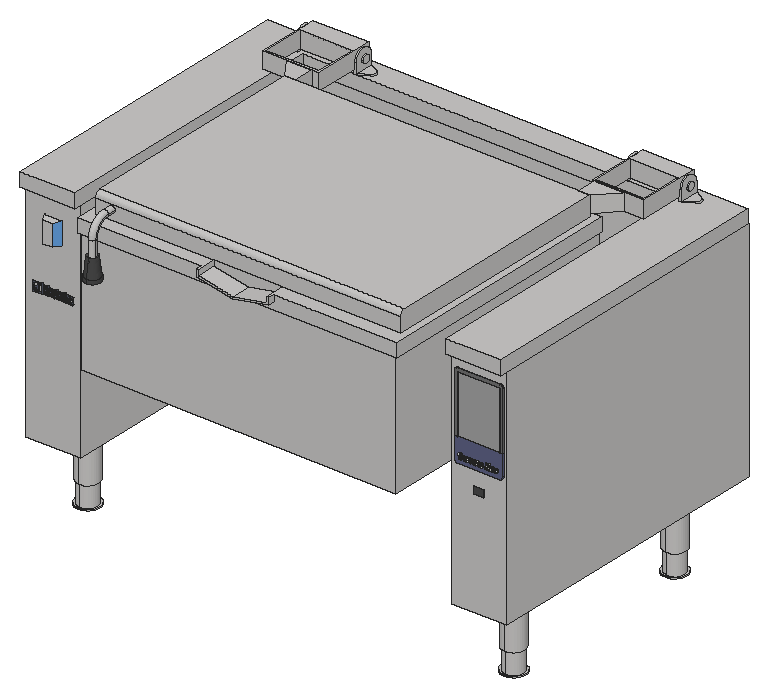
Revit family "QF_ELECTROLUXPROFESSIONAL_587128_PFET08ECIO", category Attrezzature speciali, Revit 2020 (continued)
Definition of nested family "QF_ELECTROLUXPROFESSIONAL_PBOTNB900_LEFT"
  Automatic sketch dimensions
    Extrusion 4 sketch curve to Extrusion 4 sketch curve = 2.352 mm  (x2)
    Extrusion 4 sketch curve to Extrusion 4 sketch curve = 3.797 mm
    Extrusion 4 sketch curve to Extrusion 4 sketch curve = 1.528 mm
    Extrusion 4 sketch curve to Extrusion 4 sketch curve = 1.476 mm  (x2)
    Extrusion 4 sketch curve to Extrusion 4 sketch curve = 1.469 mm  (x2)
    Extrusion 4 sketch curve to Extrusion 4 sketch curve = 3.728 mm
    Extrusion 4 sketch curve to Extrusion 4 sketch curve = 0.046 mm
    Extrusion 4 sketch curve to Extrusion 4 sketch curve = 0.177 mm
    Extrusion 4 sketch curve to Extrusion 4 sketch curve = 0.947 mm
    Extrusion 4 sketch curve to Extrusion 4 sketch curve = 0.308 mm
    Extrusion 4 sketch curve to Extrusion 4 sketch curve = 0.091 mm
    Extrusion 4 sketch curve to Extrusion 4 sketch curve = 2.375 mm
    Extrusion 4 sketch curve to Extrusion 4 sketch curve = 0.94 mm
    Extrusion 4 sketch curve to Extrusion 4 sketch curve = 0.54 mm
    Extrusion 4 sketch curve to Extrusion 4 sketch curve = 0.102 mm
    Extrusion 4 sketch curve to Extrusion 4 sketch curve = 0.002 mm  (x4)
    Extrusion 4 sketch curve to Extrusion 4 sketch curve = 0.105 mm
    Extrusion 4 sketch curve to Extrusion 4 sketch curve = 0.097 mm
    Extrusion 4 sketch curve to plane 3 "Center (Left/Right)" = 0.241 mm
    Extrusion 4 sketch curve to plane 3 "Center (Left/Right)" = 0.412 mm
    Extrusion 4 sketch curve to plane 3 "Center (Left/Right)" = 2.074 mm
    Extrusion 4 sketch curve to Extrusion 4 sketch curve = 1.777 mm
    Extrusion 4 sketch curve to plane 3 "Center (Left/Right)" = 2.704 mm
    Extrusion 4 sketch curve to Extrusion 4 sketch curve = 1.001 mm
    Extrusion 4 sketch curve to Extrusion 4 sketch curve = 1.393 mm  (x2)
    Extrusion 4 sketch curve to Extrusion 4 sketch curve = 2.363 mm
    Extrusion 4 sketch curve to Extrusion 4 sketch curve = 2.253 mm
    Extrusion 4 sketch curve to Extrusion 4 sketch curve = 0.014 mm  (x4)
    Extrusion 4 sketch curve to Extrusion 4 sketch curve = 0.172 mm
    Extrusion 4 sketch curve to Extrusion 4 sketch curve = 0.096 mm
    Extrusion 4 sketch curve to Extrusion 4 sketch curve = 0.164 mm
    Extrusion 4 sketch curve to Extrusion 4 sketch curve = 0.298 mm
    Extrusion 4 sketch curve to Extrusion 4 sketch curve = 0.247 mm
    Extrusion 4 sketch curve to Extrusion 4 sketch curve = 0.084 mm
    Extrusion 4 sketch curve to Extrusion 4 sketch curve = 6.484 mm
    Extrusion 4 sketch curve to Extrusion 4 sketch curve = 2.596 mm
    Extrusion 4 sketch curve to Extrusion 4 sketch curve = 0.059 mm  (x2)
    Extrusion 4 sketch curve to Extrusion 4 sketch curve = 3.889 mm
    Extrusion 4 sketch curve to Extrusion 4 sketch curve = 6.029 mm
    Extrusion 4 sketch curve to Extrusion 4 sketch curve = 0.929 mm
    Extrusion 4 sketch curve to Extrusion 4 sketch curve = 1.102 mm
    Extrusion 4 sketch curve to Extrusion 4 sketch curve = 0.756 mm  (x2)
    Extrusion 4 sketch curve to Extrusion 4 sketch curve = 0.852 mm
    Extrusion 4 sketch curve to Extrusion 4 sketch curve = 0.108 mm
    Extrusion 4 sketch curve to Extrusion 4 sketch curve = 0.101 mm
    Extrusion 4 sketch curve to Extrusion 4 sketch curve = 0.072 mm
    Extrusion 4 sketch curve to Extrusion 4 sketch curve = 1.67 mm
    Extrusion 4 sketch curve to Extrusion 4 sketch curve = 1.834 mm
    Extrusion 4 sketch curve to Extrusion 4 sketch curve = 0.366 mm
    Extrusion 4 sketch curve to Extrusion 4 sketch curve = 0.993 mm
    Extrusion 4 sketch curve to Extrusion 4 sketch curve = 0.81 mm
    Extrusion 4 sketch curve to Extrusion 4 sketch curve = 1.026 mm  (x2)
    Extrusion 4 sketch curve to Extrusion 4 sketch curve = 4.272 mm
    Extrusion 4 sketch curve to Extrusion 4 sketch curve = 0.163 mm
    Extrusion 4 sketch curve to Extrusion 4 sketch curve = 0.551 mm
    plane 14 to Extrusion 4 sketch curve = 6.023 mm
    Extrusion 4 sketch curve to Extrusion 4 sketch curve = 1.451 mm
    plane 14 to Extrusion 4 sketch curve = 5.28 mm
    Extrusion 4 sketch curve to Extrusion 4 sketch curve = 0.045 mm  (x2)
    Extrusion 4 sketch curve to Extrusion 4 sketch curve = 0.241 mm
    Extrusion 4 sketch curve to Extrusion 4 sketch curve = 0.039 mm
    Extrusion 4 sketch curve to Extrusion 4 sketch curve = 1.134 mm
    Extrusion 4 sketch curve to Extrusion 4 sketch curve = 2.351 mm
    Extrusion 4 sketch curve to plane 14 = 0.874 mm
    Extrusion 4 sketch curve to Extrusion 4 sketch curve = 10.128 mm
    Extrusion 4 sketch curve to Extrusion 4 sketch curve = 0.956 mm
    Extrusion 4 sketch curve to Extrusion 4 sketch curve = 1.263 mm
    Extrusion 4 sketch curve to Extrusion 4 sketch curve = 2.577 mm
    Extrusion 4 sketch curve to Extrusion 4 sketch curve = 0.243 mm
    Extrusion 4 sketch curve to Extrusion 4 sketch curve = 0.031 mm
    Extrusion 4 sketch curve to Extrusion 4 sketch curve = 7.148 mm
    Extrusion 4 sketch curve to Extrusion 4 sketch curve = 1.502 mm
    Extrusion 4 sketch curve to Extrusion 4 sketch curve = 11.54 mm
    Extrusion 4 sketch curve to Extrusion 4 sketch curve = 11.758 mm
    Extrusion 4 sketch curve to Extrusion 4 sketch curve = 4.097 mm
    Extrusion 4 sketch curve to Extrusion 4 sketch curve = 0.011 mm
    Extrusion 4 sketch curve to Extrusion 4 sketch curve = 4.488 mm
    plane 17 "CHW" to Extrusion 4 sketch curve = 191.223 mm
    Extrusion 4 sketch curve to Extrusion 4 sketch curve = 3.444 mm  (x2)
    Extrusion 4 sketch curve to Extrusion 4 sketch curve = 3.777 mm
    Extrusion 4 sketch curve to Extrusion 4 sketch curve = 1.093 mm
    Extrusion 4 sketch curve to Extrusion 4 sketch curve = 1.192 mm
    Extrusion 4 sketch curve to Extrusion 4 sketch curve = 0.319 mm
    Extrusion 4 sketch curve to Extrusion 4 sketch curve = 5.798 mm
    Extrusion 4 sketch curve to Extrusion 4 sketch curve = 2.021 mm
    Extrusion 4 sketch curve to Extrusion 4 sketch curve = 2.357 mm  (x3)
    Extrusion 4 sketch curve to Extrusion 4 sketch curve = 0.892 mm  (x3)
    Extrusion 4 sketch curve to Extrusion 4 sketch curve = 1.018 mm
    Extrusion 4 sketch curve to Extrusion 4 sketch curve = 3.382 mm  (x2)
    Extrusion 4 sketch curve to Extrusion 4 sketch curve = 2.117 mm
    Extrusion 4 sketch curve to Extrusion 4 sketch curve = 0.195 mm  (x2)
    Extrusion 4 sketch curve to Extrusion 4 sketch curve = 0.295 mm  (x2)
    Extrusion 4 sketch curve to Extrusion 4 sketch curve = 0.618 mm
    Extrusion 4 sketch curve to Extrusion 4 sketch curve = 0.385 mm  (x2)
    Extrusion 4 sketch curve to Extrusion 4 sketch curve = 1.626 mm  (x2)
    Extrusion 4 sketch curve to Extrusion 4 sketch curve = 1.65 mm
    Extrusion 4 sketch curve to Extrusion 4 sketch curve = 1.662 mm
    Extrusion 4 sketch curve to Extrusion 4 sketch curve = 0.013 mm  (x2)
    Extrusion 4 sketch curve to Extrusion 4 sketch curve = 0.292 mm
    Extrusion 4 sketch curve to Extrusion 4 sketch curve = 0.107 mm  (x2)
    Extrusion 4 sketch curve to Extrusion 4 sketch curve = 0.068 mm  (x2)
    Extrusion 4 sketch curve to Extrusion 4 sketch curve = 0.968 mm
    Extrusion 4 sketch curve to Extrusion 4 sketch curve = 0.365 mm
    Extrusion 4 sketch curve to Extrusion 4 sketch curve = 2.361 mm
    Extrusion 4 sketch curve to Extrusion 4 sketch curve = 2.359 mm
    Extrusion 4 sketch curve to Extrusion 4 sketch curve = 0.531 mm  (x2)
    Extrusion 4 sketch curve to Extrusion 4 sketch curve = 0.928 mm  (x2)
    Extrusion 4 sketch curve to Extrusion 4 sketch curve = 1.058 mm
    Extrusion 4 sketch curve to Extrusion 4 sketch curve = 0.297 mm  (x2)
    Extrusion 4 sketch curve to Extrusion 4 sketch curve = 0.155 mm  (x2)
    Extrusion 4 sketch curve to Extrusion 4 sketch curve = 1.305 mm
    Extrusion 4 sketch curve to Extrusion 4 sketch curve = 1.037 mm
    Extrusion 4 sketch curve to Extrusion 4 sketch curve = 0.182 mm  (x2)
    Extrusion 4 sketch curve to Extrusion 4 sketch curve = 0.607 mm  (x2)
    Extrusion 4 sketch curve to Extrusion 4 sketch curve = 0.304 mm  (x2)
    Extrusion 4 sketch curve to Extrusion 4 sketch curve = 0.372 mm  (x2)
    Extrusion 4 sketch curve to Extrusion 4 sketch curve = 0.016 mm  (x2)
    Extrusion 4 sketch curve to Extrusion 4 sketch curve = 0.996 mm
    Extrusion 4 sketch curve to Extrusion 4 sketch curve = 0.93 mm
    Extrusion 4 sketch curve to Extrusion 4 sketch curve = 0.709 mm  (x2)
    Extrusion 4 sketch curve to Extrusion 4 sketch curve = 1.752 mm
    Extrusion 4 sketch curve to Extrusion 4 sketch curve = 1.017 mm
    Extrusion 4 sketch curve to Extrusion 4 sketch curve = 4.718 mm
    Extrusion 4 sketch curve to Extrusion 4 sketch curve = 0.891 mm
    Extrusion 4 sketch curve to Extrusion 4 sketch curve = 3.826 mm
    Extrusion 4 sketch curve to Extrusion 4 sketch curve = 1.696 mm
    Extrusion 4 sketch curve to Extrusion 4 sketch curve = 0.954 mm
    Extrusion 4 sketch curve to Extrusion 4 sketch curve = 5.576 mm
    Extrusion 4 sketch curve to Extrusion 4 sketch curve = 5.657 mm  (x2)
    Extrusion 4 sketch curve to Extrusion 4 sketch curve = 5.661 mm  (x2)
    Extrusion 4 sketch curve to Extrusion 4 sketch curve = 0.006 mm
    Extrusion 4 sketch curve to Extrusion 4 sketch curve = 1.499 mm
    Extrusion 4 sketch curve to Extrusion 4 sketch curve = 7.186 mm
    Extrusion 4 sketch curve to Extrusion 4 sketch curve = 2.203 mm
    Extrusion 4 sketch curve to Extrusion 4 sketch curve = 2.21 mm
    Extrusion 4 sketch curve to Extrusion 4 sketch curve = 1.607 mm
    Extrusion 4 sketch curve to Extrusion 4 sketch curve = 3.479 mm
    Extrusion 4 sketch curve to Extrusion 4 sketch curve = 3.92 mm
    Extrusion 4 sketch curve to Extrusion 4 sketch curve = 0.05 mm
    Extrusion 4 sketch curve to Extrusion 4 sketch curve = 1.776 mm
    Extrusion 4 sketch curve to Extrusion 4 sketch curve = 4.017 mm
    Extrusion 4 sketch curve to Extrusion 4 sketch curve = 0.196 mm  (x2)
    Extrusion 4 sketch curve to Extrusion 4 sketch curve = 0.19 mm
    Extrusion 4 sketch curve to Extrusion 4 sketch curve = 1.312 mm
    Extrusion 4 sketch curve to Extrusion 4 sketch curve = 0.146 mm
    Extrusion 4 sketch curve to Extrusion 4 sketch curve = 2.831 mm
    Extrusion 4 sketch curve to Extrusion 4 sketch curve = 0.387 mm
    Extrusion 4 sketch curve to Extrusion 4 sketch curve = 0.174 mm
    Extrusion 4 sketch curve to Extrusion 4 sketch curve = 4.623 mm
    Extrusion 4 sketch curve to Extrusion 4 sketch curve = 1.754 mm
    Extrusion 4 sketch curve to Extrusion 4 sketch curve = 0.188 mm
    Extrusion 4 sketch curve to Extrusion 4 sketch curve = 0.02 mm
    Extrusion 4 sketch curve to Extrusion 4 sketch curve = 0.313 mm
    Extrusion 4 sketch curve to Extrusion 4 sketch curve = 0.12 mm
    Extrusion 4 sketch curve to Extrusion 4 sketch curve = 0.062 mm
    Extrusion 4 sketch curve to Extrusion 4 sketch curve = 0.568 mm
    Extrusion 4 sketch curve to Extrusion 4 sketch curve = 1.763 mm
    Extrusion 4 sketch curve to Extrusion 4 sketch curve = 0.095 mm
    Extrusion 4 sketch curve to Extrusion 4 sketch curve = 1.817 mm
    Extrusion 4 sketch curve to Extrusion 4 sketch curve = 0.357 mm
    Extrusion 4 sketch curve to Extrusion 4 sketch curve = 0.008 mm
    Extrusion 4 sketch curve to Extrusion 4 sketch curve = 0.36 mm
    Extrusion 4 sketch curve to Extrusion 4 sketch curve = 3.784 mm
    Extrusion 4 sketch curve to Extrusion 4 sketch curve = 1.654 mm
    Extrusion 4 sketch curve to Extrusion 4 sketch curve = 1.454 mm
    Extrusion 4 sketch curve to Extrusion 4 sketch curve = 1.705 mm
    Extrusion 4 sketch curve to Extrusion 4 sketch curve = 1.893 mm
    Extrusion 4 sketch curve to Extrusion 4 sketch curve = 3.429 mm
    Extrusion 4 sketch curve to Extrusion 4 sketch curve = 1.094 mm
    Extrusion 4 sketch curve to Extrusion 4 sketch curve = 2.218 mm
    Extrusion 4 sketch curve to Extrusion 4 sketch curve = 1.404 mm
    Extrusion 4 sketch curve to Extrusion 4 sketch curve = 5.763 mm
    Extrusion 4 sketch curve to Extrusion 4 sketch curve = 2.932 mm  (x2)
    Extrusion 4 sketch curve to Extrusion 4 sketch curve = 5.959 mm
    Extrusion 4 sketch curve to Extrusion 4 sketch curve = 1.424 mm
    Extrusion 4 sketch curve to Extrusion 4 sketch curve = 3.23 mm
    Extrusion 4 sketch curve to Extrusion 4 sketch curve = 1.975 mm
    Extrusion 4 sketch curve to Extrusion 4 sketch curve = 3.779 mm
    Extrusion 4 sketch curve to Extrusion 4 sketch curve = 2.212 mm
    Extrusion 4 sketch curve to Extrusion 4 sketch curve = 3.78 mm
    Extrusion 4 sketch curve to Extrusion 4 sketch curve = 1.279 mm
    Extrusion 4 sketch curve to Extrusion 4 sketch curve = 1.343 mm  (x2)
    Extrusion 4 sketch curve to Extrusion 4 sketch curve = 1.353 mm  (x2)
    Extrusion 4 sketch curve to Extrusion 4 sketch curve = 0.027 mm  (x2)
    Extrusion 4 sketch curve to Extrusion 4 sketch curve = 0.395 mm  (x2)
    Extrusion 4 sketch curve to Extrusion 4 sketch curve = 0.329 mm  (x2)
    Extrusion 4 sketch curve to Extrusion 4 sketch curve = 0.425 mm  (x2)
    Extrusion 4 sketch curve to Extrusion 4 sketch curve = 0.051 mm  (x2)
    Extrusion 4 sketch curve to Extrusion 4 sketch curve = 0.495 mm  (x2)
    Extrusion 4 sketch curve to Extrusion 4 sketch curve = 0.267 mm  (x2)
    Extrusion 4 sketch curve to Extrusion 4 sketch curve = 1.4 mm
    Extrusion 4 sketch curve to Extrusion 4 sketch curve = 5.233 mm
    Extrusion 4 sketch curve to Extrusion 4 sketch curve = 2.062 mm
    Extrusion 5 sketch curve to plane 13 "HW_CW" = 0.0 mm  (x2)
    Extrusion 5 sketch curve to plane 15 = 0.0 mm
    Extrusion 5 sketch curve to plane 14 = 0.0 mm
    radius of Extrusion 2 sketch curve = 6.35 mm  (x2)
    radius of Extrusion 4 sketch curve = 2.453 mm
    radius of Extrusion 4 sketch curve = 1.557 mm
    radius of Extrusion 4 sketch curve = 1.468 mm
    radius of Extrusion 4 sketch curve = 2.451 mm
    radius of Extrusion 5 sketch curve = 5.0 mm  (x2)
Definition of nested family "QF_ELECTROLUXPROFESSIONAL_PBOTNB900_RIGHT"
  Parameters
    Width = 160.0 mm
    Right = Width / 2  # 80.0 mm
    Default Elevation = 0.0 mm
    Left = -Width / 2  # -80.0 mm
    Htop = 40.0 mm
    Height = 900.0 mm
    HBase = 200.0 mm
    EI_z = 250.0 mm
    EI_y = 312.0 mm
    Depth = 900.0 mm
    BorderFront = 20.0 mm
    Body Finish [instance] = none
  Reference planes
    plane 1 "Center (Front/Back)": y = 0
    plane 2: z = 0
    plane 3 "Center (Left/Right)": x = 0
    plane 4 "LEFT": x = -80
    plane 5 "RIGHT": x = 80
    plane 6 "BACK": y = 450
    plane 7 "FRONT": y = -450
    plane 8 "Base": z = 200
    plane 9 "TOP": z = 900
    plane 10 "BorderFront": y = -430
    plane 11: z = 860
    plane 12 "EI": z = 450
    plane 13: y = 138
    plane 14 "STEAM_y": y = 211
    plane 15 "Steam_z": z = 340
  Forms (mm)
    Extrusion 1, solid
      sketch origin (0, 0, 0) x (1, 0, 0) y (0, 1, 0)
        loop
          line (-80, 450) -> (-80, -430) -> (80, -430) -> (80, 450) -> (-80, 450)
      from 860 to 200
    Extrusion 2, solid
      sketch origin (0, -430, 0) x (-1, 0, 0) y (0, 0, 1)
        loop
          line (59.714, 823.989) -> (-61.821, 823.989)
          arc (-61.821, 823.989) -> (-68.892, 821.06) -> (-71.821, 813.989) r 10
          line (-71.821, 813.989) -> (-71.821, 644.744) -> (-61.821, 644.744) -> (-61.821, 813.989) -> (59.714, 813.989) -> (59.714, 644.744) -> (69.714, 644.744) -> (69.714, 813.989)
          arc (69.714, 813.989) -> (66.786, 821.06) -> (59.714, 823.989) r 10
      from 0 to -3
    Extrusion 3, solid
      sketch origin (0, -430, 0) x (-1, 0, 0) y (0, 0, 1)
        loop
          line (69.714, 585) -> (69.714, 644.744) -> (-71.821, 644.744) -> (-71.821, 585)
          arc (-71.821, 585) -> (-68.892, 577.929) -> (-61.821, 575) r 10
          line (-61.821, 575) -> (59.714, 575)
          arc (59.714, 575) -> (66.786, 577.929) -> (69.714, 585) r 10
      from -3 to 0
    Extrusion 4, solid
      sketch origin (234.714, -430, 0) x (-1, 0, 0) y (0, 0, 1)
        loop
          line (294.429, 813.989) -> (172.894, 813.989) -> (172.894, 644.744) -> (294.429, 644.744) -> (294.429, 813.989)
      from 0 to -3
    Extrusion 5, solid
      sketch origin (0, -430, 0) x (-1, 0, 0) y (0, 0, 1)
        loop
          line (15, 530) -> (-15, 530) -> (-15, 510) -> (15, 510) -> (15, 530)
      from -1.6 to 0
    Extrusion 6, solid
      sketch origin (0, 450, 0) x (-1, 0, 0) y (0, 0, 1)
        loop
          circle (0, 450) r 5
      from 0 to 2
    Extrusion 7, solid
      sketch origin (0, 0, 200) x (0, 1, 0) y (-1, 0, 0)
        loop
          circle (138, 0) r 10
      from 0 to -3
    Extrusion 8, solid
      sketch origin (0, 0, 200) x (0, 1, 0) y (-1, 0, 0)
        loop
          circle (211, 0) r 12.7
      from 0 to -3
  Lines and regions (mm)
    symbolic lines
      curve 1: line (-80, 450, 0) -> (80, 450, 0)
      curve 2: line (80, 450, 0) -> (80, -430, 0)
  Dimensions and locks
    "Width": plane 4 "LEFT" to plane 5 "RIGHT"
    equal spacing: plane 4 "LEFT", plane 3 "Center (Left/Right)", plane 5 "RIGHT"
    equal spacing: plane 6 "BACK", plane 1 "Center (Front/Back)", plane 7 "FRONT"
    "Depth": plane 6 "BACK" to plane 7 "FRONT"
    "BorderFront": plane 10 "BorderFront" to plane 7 "FRONT"
    "Htop": plane 9 "TOP" to plane 11
    "Height": plane 9 "TOP" to level
    "HBase": plane 8 "Base" to level
    "EI_y": plane 6 "BACK" to plane 13
    "EI_z": plane 12 "EI" to plane 8 "Base"
    plane 6 "BACK" to plane 14 "STEAM_y" = 239.0 mm
    plane 15 "Steam_z" to plane 8 "Base" = 140.0 mm
    aligned and locked: level to plane 2
    aligned and locked: plane 10 "BorderFront" to Extrusion 1 sketch curve
    aligned and locked: plane 11 to Extrusion 1
    aligned and locked: Extrusion 1 to plane 8 "Base"
    aligned and locked: plane 4 "LEFT" to Extrusion 1 sketch curve
    aligned and locked: Extrusion 1 sketch curve to plane 5 "RIGHT"
    aligned and locked: Extrusion 1 sketch curve to plane 6 "BACK"
  Automatic sketch dimensions
    Extrusion 2 sketch curve to plane 5 "RIGHT" = 8.179 mm
    Extrusion 2 sketch curve to Extrusion 2 sketch curve = 10.0 mm  (x2)
    Extrusion 2 sketch curve to Extrusion 2 sketch curve = 0.0 mm  (x4)
    plane 4 "LEFT" to Extrusion 2 sketch curve = 20.286 mm
    Extrusion 2 sketch curve to plane 11 = 215.256 mm
    Extrusion 2 sketch curve to plane 11 = 46.011 mm
    Extrusion 3 sketch curve to plane 5 "RIGHT" = 8.179 mm
    plane 4 "LEFT" to Extrusion 3 sketch curve = 20.286 mm
    plane 4 "LEFT" to Extrusion 3 sketch curve = 10.286 mm
    Extrusion 3 sketch curve to plane 11 = 285.0 mm
    Extrusion 3 sketch curve to Extrusion 3 sketch curve = 59.744 mm
    Extrusion 3 sketch curve to Extrusion 3 sketch curve = 10.0 mm
    plane 4 "LEFT" to Extrusion 4 sketch curve = 20.286 mm
    Extrusion 4 sketch curve to plane 11 = 46.011 mm
    Extrusion 4 sketch curve to plane 5 "RIGHT" = 18.179 mm
    Extrusion 4 sketch curve to Extrusion 4 sketch curve = 169.244 mm
    Extrusion 6 sketch curve to plane 3 "Center (Left/Right)" = 0.0 mm
    Extrusion 6 sketch curve to plane 12 "EI" = 0.0 mm
    curve 1 to plane 4 "LEFT" = 0.0 mm
    curve 1 to plane 5 "RIGHT" = 0.0 mm
    curve 2 to plane 10 "BorderFront" = 0.0 mm
    curve 1 to plane 6 "BACK" = 0.0 mm
    plane 3 "Center (Left/Right)" to Extrusion 5 sketch curve = 15.0 mm
    Extrusion 5 sketch curve to plane 3 "Center (Left/Right)" = 15.0 mm
    plane 12 "EI" to Extrusion 5 sketch curve = 60.0 mm
    Extrusion 5 sketch curve to Extrusion 5 sketch curve = 20.0 mm
    Extrusion 7 sketch curve to plane 3 "Center (Left/Right)" = 0.0 mm
    Extrusion 7 sketch curve to plane 13 = 0.0 mm
    Extrusion 8 sketch curve to plane 3 "Center (Left/Right)" = 0.0 mm
    Extrusion 8 sketch curve to plane 14 "STEAM_y" = 0.0 mm
    radius of Extrusion 6 sketch curve = 5.0 mm
    radius of Extrusion 7 sketch curve = 10.0 mm
    radius of Extrusion 8 sketch curve = 12.7 mm
  Nested families
    nested 1: "ELX_ThermaLine" at (-0.906, -433, 593.675) x (1, 0, 0) z (0, -1, 0), type "ELX_ThermaLine"
      with Show Logo yes, Material_Logo none
  Definition of nested family "ELX_ThermaLine"
    Parameters
      Show Logo [instance] = yes
      Material_Logo [instance] = none
      Default Elevation = 0.0 mm
    Reference planes
      plane 1 "Centro (Fronte/Retro)": y = 0
      plane 2: z = 0
      plane 3 "Centro (Sinistra/Destra)": x = 0
    Forms (mm)
      Extrusion 1, solid
        sketch origin (0, 0, 0) x (1, 0, 0) y (0, 1, 0)
          loop
            line (-1219.2, 1219.2) -> (-1219.2, -1219.2) -> (1219.2, -1219.2) -> (1219.2, 1219.2) -> (-1219.2, 1219.2)
        from 0 to -304.8
      Extrusion 2, solid
        sketch origin (0, 0, 0) x (1, 0, 0) y (0, 1, 0)
          loop
            line (-52.84, 4.345) -> (-50.793, 4.345) -> (-50.793, 6.716) -> (-52.84, 6.716) -> (-52.84, 10.788) -> (-55.901, 9.058) -> (-55.901, 6.716) -> (-57.324, 6.716) -> (-57.324, 4.345) -> (-55.901, 4.345) -> (-55.901, -1.637)
            arc (-55.901, -1.637) -> (-54.76, -4.355) -> (-51.88, -4.985) r 3.198
            line (-51.88, -4.985) -> (-50.444, -4.597) -> (-50.782, -2.189) -> (-51.765, -2.453)
            arc (-51.765, -2.453) -> (-52.506, -2.305) -> (-52.84, -1.628) r 0.854
            line (-52.84, -1.628) -> (-52.84, 4.345)
          loop
            line (-48.642, 11.198) -> (-48.642, -4.787) -> (-45.561, -4.787) -> (-45.561, 2.659)
            arc (-45.561, 2.659) -> (-44.379, 4.372) -> (-42.304, 4.523) r 2.408
            arc (-42.304, 4.523) -> (-41.484, 3.75) -> (-41.182, 2.665) r 2.099
            line (-41.182, 2.665) -> (-41.182, -4.787) -> (-38.117, -4.787) -> (-38.088, 2.166)
            arc (-38.088, 2.166) -> (-38.343, 3.963) -> (-39.021, 5.646) r 7.517
            arc (-39.021, 5.646) -> (-42.369, 6.971) -> (-45.561, 5.303) r 4.327
            line (-45.561, 5.303) -> (-45.561, 11.198) -> (-48.642, 11.198)
          loop
            arc (-28.196, 1.988) -> (-28.834, 3.893) -> (-30.683, 4.679) r 2.449
            arc (-30.683, 4.679) -> (-32.149, 3.674) -> (-32.711, 1.988) r 2.793
            line (-32.711, 1.988) -> (-28.196, 1.988)
          loop
            arc (-25.128, 0.121) -> (-26.074, 4.342) -> (-29.545, 6.923) r 6.212
            arc (-29.545, 6.923) -> (-33.021, 6.358) -> (-35.352, 3.718) r 5.232
            arc (-35.352, 3.718) -> (-35.918, 1.148) -> (-35.633, -1.468) r 8.117
            arc (-35.633, -1.468) -> (-34.524, -3.319) -> (-32.789, -4.603) r 5.523
            arc (-32.789, -4.603) -> (-28.402, -4.744) -> (-25.297, -1.641) r 5.523
            line (-25.297, -1.641) -> (-28.327, -1.106)
            arc (-28.327, -1.106) -> (-29.324, -2.396) -> (-30.951, -2.501) r 1.982
            arc (-30.951, -2.501) -> (-32.276, -1.475) -> (-32.789, 0.121) r 2.835
            line (-32.789, 0.121) -> (-25.128, 0.121)
          loop
            line (-22.733, -4.787) -> (-19.705, -4.787) -> (-19.705, 0)
            arc (-19.705, 0) -> (-19.663, 1.267) -> (-19.469, 2.521) r 10.557
            arc (-19.469, 2.521) -> (-18.189, 4.014) -> (-16.237, 3.761) r 2.069
            line (-16.237, 3.761) -> (-15.318, 6.433)
            arc (-15.318, 6.433) -> (-17.915, 6.783) -> (-19.931, 5.11) r 3.262
            line (-19.931, 5.11) -> (-19.931, 6.752) -> (-22.733, 6.752) -> (-22.733, -4.787)
          loop
            line (-14.233, 6.752) -> (-14.233, -4.787) -> (-11.135, -4.787) -> (-11.135, 1.783)
            arc (-11.135, 1.783) -> (-10.552, 3.635) -> (-8.862, 4.59) r 2.646
            arc (-8.862, 4.59) -> (-7.677, 3.931) -> (-7.234, 2.65) r 1.899
            line (-7.234, 2.65) -> (-7.234, -4.787) -> (-4.155, -4.787) -> (-4.155, 1.467)
            arc (-4.155, 1.467) -> (-3.845, 2.923) -> (-2.97, 4.128) r 3.581
            arc (-2.97, 4.128) -> (-1.581, 4.474) -> (-0.516, 3.516) r 1.525
            arc (-0.516, 3.516) -> (-0.324, 2.735) -> (-0.304, 1.931) r 3.735
            line (-0.304, 1.931) -> (-0.304, -4.787) -> (2.776, -4.787) -> (2.776, 3.096)
            arc (2.776, 3.096) -> (1.833, 5.68) -> (-0.612, 6.942) r 3.784
            arc (-0.612, 6.942) -> (-2.795, 6.596) -> (-4.513, 5.205) r 4.271
            arc (-4.513, 5.205) -> (-5.893, 6.457) -> (-7.686, 6.964) r 4.079
            arc (-7.686, 6.964) -> (-9.75, 6.555) -> (-11.39, 5.237) r 4.412
            line (-11.39, 5.237) -> (-11.39, 6.752) -> (-14.233, 6.752)
          loop
            line (5.334, 3.712) -> (8.069, 3.23)
            arc (8.069, 3.23) -> (10.312, 4.685) -> (12.137, 2.73) r 2.082
            line (12.137, 2.73) -> (8.171, 1.741)
            arc (8.171, 1.741) -> (6.593, 1.022) -> (5.378, -0.215) r 4.758
            arc (5.378, -0.215) -> (5.225, -1.991) -> (5.744, -3.697) r 4.711
            arc (5.744, -3.697) -> (7.301, -4.682) -> (9.118, -4.992) r 4.691
            arc (9.118, -4.992) -> (10.903, -4.593) -> (12.411, -3.558) r 4.818
            line (12.411, -3.558) -> (12.81, -4.787) -> (15.873, -4.787) -> (15.179, -2.652) -> (15.179, 3.25)
            arc (15.179, 3.25) -> (14.773, 5.146) -> (13.38, 6.496) r 3.336
            arc (13.38, 6.496) -> (10.765, 7.201) -> (8.091, 6.773) r 6.459
            arc (8.091, 6.773) -> (6.348, 5.57) -> (5.334, 3.712) r 4.569
          loop
            line (21.001, -4.787) -> (24.24, -4.787) -> (27.623, 11.127) -> (24.384, 11.127) -> (21.001, -4.787)
          loop
            line (27.273, -4.787) -> (30.332, -4.787) -> (32.777, 6.716) -> (29.718, 6.716) -> (27.273, -4.787)
          loop
            line (30.656, 11.127) -> (30.058, 8.314) -> (33.117, 8.314) -> (33.715, 11.127) -> (30.656, 11.127)
          loop
            line (33.431, -4.787) -> (36.649, -4.787) -> (38.261, 2.796)
            arc (38.261, 2.796) -> (39.644, 4.445) -> (41.791, 4.594) r 2.751
            arc (41.791, 4.594) -> (42.425, 3.729) -> (42.502, 2.659) r 1.936
            line (42.502, 2.659) -> (40.919, -4.787) -> (43.989, -4.787) -> (45.795, 3.712)
            arc (45.795, 3.712) -> (45.588, 5.458) -> (44.361, 6.716) r 2.734
            arc (44.361, 6.716) -> (41.222, 6.857) -> (38.516, 5.259) r 5.512
            line (38.516, 5.259) -> (38.826, 6.716) -> (35.876, 6.716) -> (33.431, -4.787)
          loop
            line (50.773, 1.934) -> (55.672, 1.934)
            arc (55.672, 1.934) -> (55.737, 2.919) -> (55.334, 3.821) r 2.051
            arc (55.334, 3.821) -> (53.773, 4.722) -> (52.024, 4.287) r 2.407
            arc (52.024, 4.287) -> (51.223, 3.203) -> (50.773, 1.934) r 4.566
          loop
            line (50.479, 0) -> (58.259, 0)
            arc (58.259, 0) -> (58.241, 3.53) -> (56.181, 6.396) r 5.8
            arc (56.181, 6.396) -> (52.577, 6.992) -> (49.395, 5.199) r 5.498
            arc (49.395, 5.199) -> (47.819, 2.372) -> (47.536, -0.853) r 7.747
            arc (47.536, -0.853) -> (48.406, -3.006) -> (50.236, -4.437) r 4.494
            arc (50.236, -4.437) -> (52.672, -4.934) -> (55.109, -4.437) r 6.224
            arc (55.109, -4.437) -> (56.76, -3.346) -> (57.916, -1.739) r 5.478
            line (57.916, -1.739) -> (55.129, -1.247)
            arc (55.129, -1.247) -> (53.897, -2.495) -> (52.149, -2.637) r 2.52
            arc (52.149, -2.637) -> (50.809, -1.638) -> (50.479, 0) r 2.336
          loop
            line (12.154, 0.755) -> (8.732, -0.098)
            arc (8.732, -0.098) -> (8.126, -1.288) -> (8.732, -2.478) r 1.471
            arc (8.732, -2.478) -> (10.437, -2.725) -> (11.827, -1.706) r 2.276
            arc (11.827, -1.706) -> (12.142, -0.496) -> (12.154, 0.755) r 5.123
        from 0 to 1.6
    Dimensions and locks
      aligned and locked: plane 2 to Extrusion 1
      aligned and locked: level to Extrusion 1
Definition of nested family "QF_ELECTROLUXPROFESSIONAL_2FEET_THL_120xH200"
  Parameters
    Width = 120.0 mm
    Right = Width / 2  # 60.0 mm
    Default Elevation = 0.0 mm
    Left = -Width / 2  # -60.0 mm
    Height = 200.0 mm
    HBase = Height - 15.0 mm  # 185.0 mm
    Depth = 880.0 mm
  Reference planes
    plane 1 "Center (Front/Back)": y = 0
    plane 2: z = 0
    plane 3 "Center (Left/Right)": x = 0
    plane 4 "LEFT": x = -60
    plane 5 "RIGHT": x = 60
    plane 6 "BACK": y = 440
    plane 7 "FRONT": y = -440
    plane 8 "Base": z = 185
    plane 9 "TOP": z = 200
    plane 10: y = 283
    plane 11: y = -304
    plane 12: y = 368
    plane 13: y = -388
    plane 14: x = -80
  Forms (mm)
    Extrusion 1, solid
      sketch origin (0, 0, 200) x (0, 1, 0) y (-1, 0, 0)
        loop
          line (368, 60) -> (-388, 60) -> (-388, -60) -> (368, -60) -> (368, 60)
      from 0 to -15
    Revolve 2, solid
      sketch origin (0, 0, 0) x (0, 1, 0) y (0, 0, 1)
        loop
          line (283, 0) -> (318, 0) -> (318, 2) -> (311.179, 2) -> (311.179, 63) -> (314.75, 63) -> (314.75, 185) -> (283, 185) -> (283, 0)
        axis (283, 185) -> (283, 0)
      angle from 0 to 360
    Revolve 3, solid
      sketch origin (0, 0, 0) x (0, 1, 0) y (0, 0, 1)
        loop
          line (-304, 185) -> (-304, 0) -> (-269, 0) -> (-269, 2) -> (-275.821, 2) -> (-275.821, 63) -> (-272.25, 63) -> (-272.25, 185) -> (-304, 185)
        axis (-304, 185) -> (-304, 0)
      angle from 0 to 360
  Dimensions and locks
    "Width": plane 4 "LEFT" to plane 5 "RIGHT"
    equal spacing: plane 4 "LEFT", plane 3 "Center (Left/Right)", plane 5 "RIGHT"
    equal spacing: plane 6 "BACK", plane 1 "Center (Front/Back)", plane 7 "FRONT"
    "Depth": plane 6 "BACK" to plane 7 "FRONT"
    "HBase": plane 8 "Base" to level
    "Height": plane 9 "TOP" to level
    locked: plane 6 "BACK" to plane 10 at 157
    locked: plane 10 to plane 11 at 587
    plane 6 "BACK" to plane 12 = 72.0 mm
    plane 13 to plane 7 "FRONT" = 52.0 mm
    plane 12 to plane 13 = 756.0 mm
    plane 14 to plane 3 "Center (Left/Right)" = 80.0 mm
    aligned and locked: level to plane 2
    aligned and locked: Extrusion 1 sketch curve to plane 5 "RIGHT"
    aligned and locked: plane 4 "LEFT" to Extrusion 1 sketch curve
    aligned and locked: Extrusion 1 to plane 8 "Base"
    aligned and locked: Extrusion 1 sketch curve to plane 12
    aligned and locked: plane 13 to Extrusion 1 sketch curve
  Automatic sketch dimensions
    Revolve 2 sketch curve to level = 0.0 mm
    Revolve 2 sketch curve to plane 10 = 0.0 mm  (x2)
    Revolve 2 sketch curve to plane 8 "Base" = 0.0 mm
    plane 10 to Revolve 2 sketch curve = 28.179 mm
    Revolve 2 sketch curve to Revolve 2 sketch curve = 31.75 mm
    Revolve 2 sketch curve to Revolve 2 sketch curve = 6.821 mm
    level to Revolve 2 sketch curve = 2.0 mm
    Revolve 2 sketch curve to Revolve 2 sketch curve = 61.0 mm
    Revolve 2 sketch curve to level = 50.0 mm
    plane 9 "TOP" to Revolve 2 sketch curve = 70.0 mm
    Revolve 3 sketch curve to plane 11 = 0.0 mm
    Revolve 3 sketch curve to level = 0.0 mm
    Revolve 3 sketch curve to plane 10 = 587.0 mm
    Revolve 3 sketch curve to plane 8 "Base" = 0.0 mm
    Revolve 3 sketch curve to plane 10 = 558.821 mm
    Revolve 3 sketch curve to Revolve 3 sketch curve = 3.571 mm
    Revolve 3 sketch curve to Revolve 3 sketch curve = 6.821 mm
    level to Revolve 3 sketch curve = 2.0 mm
    Revolve 3 sketch curve to Revolve 3 sketch curve = 61.0 mm
    Revolve 3 sketch curve to level = 180.0 mm
    plane 9 "TOP" to Revolve 3 sketch curve = 205.0 mm
Definition of nested family "QF_ELECTROLUXPROFESSIONAL_PFET900_LEVEL2"
  Parameters
    Default Elevation = 0.0 mm
    Assembly Code = ""
  Reference planes
    plane 1 "Center (Front/Back)": y = 0
    plane 2: z = 0
    plane 3 "Center (Left/Right)": x = 0
  Forms (mm)
    Sweep 1, solid
      path origin (0, 45, 0) x (0, 1, 0) y (0, 0, 1)
        loop
          line (-45, 0) -> (-70, 0)
          arc (-70, 0) -> (-101.82, -13.18) -> (-115, -45) r 45
          line (-115, -45) -> (-115, -90)
      profile origin (0, -12.5, 0) x (0, 0, -1) y (1, 0, 0)
        loop
          circle (0, 0) r 9
    Revolve 2, solid
      sketch origin (0, 45, 0) x (0, 1, 0) y (0, 0, 1)
        loop
          line (-115, -90) -> (-115, -152.379) -> (-92.246, -152.379) -> (-92.246, -142.379) -> (-94.495, -142.379) -> (-100, -90) -> (-115, -90)
        axis (-115, -90) -> (-115, -152.379)
      angle from 0 to 360
  Lines and regions (mm)
    symbolic lines
      curve 1: line (9, 0, 0) -> (9, -94.102, 0)
      curve 2: line (-9, 0, 0) -> (-9, -94.102, 0)
      curve 3: circle (0, -115, 0) r 22.754 normal (0, 0, 1)
  Dimensions and locks
    aligned and locked: level to plane 2
